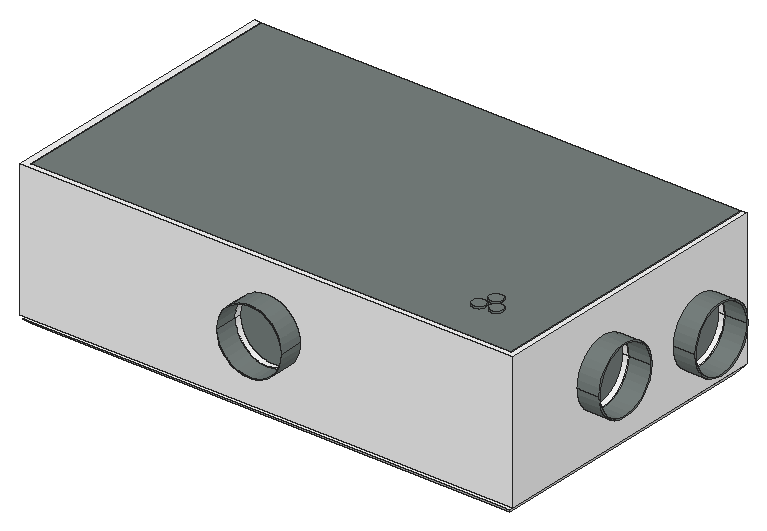
Revit family "AM 300 SHDIDE", category Mechanical Equipment, Revit 2019
Family settings
  Round Connector Dimension = Use Diameter
  Part Type = Normal
  OmniClass Number = 23.75.00.00
  OmniClass Title = Climate Control (HVAC)
  Work Plane-Based = No
  Always vertical = Yes
  Cut with Voids When Loaded = No
  Shared = No
  Room Calculation Point = No
Parameters
  publication date = "01.05.2023"
  Weight (Standard Unit) = 85  # constant formula
  Water Heating [instance] = yes
  Water Heater Surface Return = 15 mm  # constant formula
  Water Heater Surface IN = 15 mm  # constant formula
  Version number = "1.0"
  URL = "www.airmaster-as.com"
  Total Width = 1180 mm  # constant formula
  Total Hight = 344 mm  # constant formula
  T-C Duct Supply = 187 mm  # constant formula
  T-C Duct Exhaust = 187 mm  # constant formula
  Suply Air In = 160 mm  # constant formula
  R-C Duct Supply = 133 mm  # constant formula
  Phase 1 - Max Power Consumption = "1175 W"
  Phase 1 - Max Current = "7,97 A"
  Nominal current, electrical preheating surface = "4,35 A"
  Nominal current, electrical comfort heating surface = "2,17 A"
  Nominal current, air handling unit = "1,45 A"
  Network Conection = "AWG 24 CAT 5e STP"
  Model = "AM 300 SHDIDE"
  Max. flow rate 35 dB(A) with ePM10 80% filters = 240.00 m³  # constant formula
  Max. flow rate 35 dB(A) with ePM10 55% filters = 270.00 m³  # constant formula
  Max. flow rate 35 dB(A) with ePM10 50% filters = 275.00 m³  # constant formula
  Max. flow rate 30 dB(A) with ePM10 80% filters = 180.00 m³  # constant formula
  Max. flow rate 30 dB(A) with ePM10 55% filters = 205.00 m³  # constant formula
  Max. flow rate 30 dB(A) with ePM10 50% filters = 210.00 m³  # constant formula
  Manufacturer = "Airmaster A/S"
  Maintenance [instance] = no
  L-C Duct Exhaust = 133 mm  # constant formula
  Exhaust Air = 160 mm  # constant formula
  Total Depth = 703 mm  # constant formula
  Electrical connection = "1 ~ 230 V / N / PE / 50 Hz"
  Drawn By = "LSB"
  Data Sheet = "https://www.airmaster-as.com/media/4938/15583-am300-en-rev-04.pdf"
  Condensate = 6 mm  # constant formula
  BMS Panel = "(PTS) 2x2x0,6"
  BMS Out = "(PTS) 2x2x0,6"
  BMS IN = "(PTS) 2x2x0,6"
  Airlow area [instance] = no
Reference planes
  plane 1 "Center (Front/Back)": y = 0
  plane 2: z = 0
  plane 3 "Center (Left/Right)": x = 0
  plane 4 "Center L/S": y = -703
  plane 5 "Center L/T": x = -590
  plane 6 "Center L/U": x = 590
  plane 7 "TOP": z = 344
  plane 8 "Center L/V": x = -575
  plane 9 "Center L/W": y = -688
  plane 10 "Center L/X": x = 575
  plane 11 "Panel Buttom": z = 20.747
  plane 12 "Panel Top": z = 330.347
  plane 13 "Hatch": z = 14.5
Forms (mm)
  Extrusion 1, solid, material "AM Grey"
    sketch origin (0, 0, 0) x (1, 0, 0) y (0, 1, 0)
      loop
        line (-575, 0) -> (-575, -688) -> (575, -688) -> (575, 0) -> (-575, 0)
    from 14.5 to 344
  Extrusion 2, solid, material "AM White"
    sketch origin (794.5, -1524, 20.747) x (0, -1, 0) y (-1, 0, 0)
      loop
        line (-1524, 1384.5) -> (-1524, 1369.5) -> (-836, 1369.5) -> (-836, 219.5) -> (-1524, 219.5) -> (-1524, 204.5) -> (-821, 204.5) -> (-821, 1384.5) -> (-1524, 1384.5)
    from 0 to -323.253
  Blend 3, solid, material "AM White"
    base sketch origin (-790.646, -1524, 14.5) x (0, -1, 0) y (1, 0, 0)
      loop
        line (-821, 207.613) -> (-821, 1373.657) -> (-1524, 1373.657) -> (-1524, 207.613) -> (-821, 207.613)
    top sketch origin (-790.646, -1524, 14.5) x (0, -1, 0) y (1, 0, 0)
      loop
        line (-836, 218.963) -> (-836, 1362.646) -> (-1509.161, 1362.646) -> (-1509.161, 218.963) -> (-836, 218.963)
    from 0 to -14.5
  Extrusion 4, solid, material "AM Grey"
    sketch origin (-575, 0, 0) x (1, 0, 0) y (0, 0, -1)
      loop
        circle (118, -157) r 80
      loop
        circle (118, -157) r 78
    from 0 to 18.45
  Extrusion 5, solid, material "Maintenece", visible <- "Maintenance"
    sketch origin (-790.646, -1524, 0) x (1, 0, 0) y (0, -1, 0)
      loop
        line (200.646, -1524) -> (1380.646, -1524) -> (1380.646, -821) -> (200.646, -821) -> (200.646, -1524)
    from 0 to 1200
  Extrusion 6, solid, material "AM Grey"
    sketch origin (0, 0, 344) x (1, 0, 0) y (0, 1, 0)
      loop
        circle (428.027, -549.273) r 15.55
    from 0 to 3
  Extrusion 7, solid, material "AM Grey"
    sketch origin (0, 0, 344) x (1, 0, 0) y (0, 1, 0)
      loop
        circle (452.132, -578.023) r 15.55
    from 0 to 3
  Extrusion 8, solid, material "AM Grey"
    sketch origin (0, 0, 344) x (1, 0, 0) y (0, 1, 0)
      loop
        circle (415.201, -584.535) r 15.55
    from 0 to 3
  Extrusion 9, solid, material "AM Grey", visible <- "Water Heating"
    sketch origin (-575, -688, 0) x (0, 1, 0) y (0, 0, -1)
      loop
        circle (325.216, -242.139) r 15.55
    from 0 to 36
  Extrusion 10, solid, material "AM Grey", visible <- "Water Heating"
    sketch origin (-575, -836.92, 39.903) x (0, 1, 0) y (0, 0, -1)
      loop
        circle (325.216, -242.139) r 15.55
    from 0 to 36
  Extrusion 11, solid, material "AM Grey"
    sketch origin (590, 0, 20.747) x (0, -1, 0) y (0, 0, -1)
      loop
        circle (145, -136.253) r 79
      loop
        circle (145, -136.253) r 77
    from 0 to 54
  Extrusion 12, solid, material "AM Grey"
    sketch origin (590, -288, 58.747) x (0, -1, 0) y (0, 0, -1)
      loop
        circle (145, -136.253) r 79
      loop
        circle (145, -136.253) r 77
    from 0 to 54
  Extrusion 13, void
    sketch origin (644, -288, 58.747) x (0, 1, 0) y (0, 0, -1)
      loop
        circle (-145, -136.253) r 77
      loop
        circle (143, -98.253) r 77
    from 0 to 77.512
  Extrusion 14, solid, material "AM Grey"
    sketch origin (590, -703, -322.414) x (-1, 0, 0) y (0, 0, -1)
      loop
        circle (587, -517.414) r 77.16
      loop
        circle (587, -517.414) r 78
    from 0 to 54
  Extrusion 15, void
    sketch origin (590, -757, -322.414) x (1, 0, 0) y (0, 0, -1)
      loop
        circle (-587, -517.414) r 77.16
    from 0 to 69
Cuts and joins
  Extrusion 13, Extrusion 15 cuts Extrusion 2
  Extrusion 13 cuts Extrusion 11
  Extrusion 13 cuts Extrusion 12
  Extrusion 15 cuts Extrusion 14
Dimensions and locks
  "Total Depth": plane 4 "Center L/S" to plane 1 "Center (Front/Back)"
  equal spacing: plane 5 "Center L/T", plane 3 "Center (Left/Right)", plane 6 "Center L/U"
  "Total Width": plane 5 "Center L/T" to plane 6 "Center L/U"
  "Total Hight": plane 7 "TOP" to level
  locked: plane 10 "Center L/X" to plane 6 "Center L/U" at 15
  locked: plane 4 "Center L/S" to plane 9 "Center L/W" at 15
  locked: plane 5 "Center L/T" to plane 8 "Center L/V" at 15
  Extrusion 1 to Blend 3 sketch curve = 14.839 mm
  plane 7 "TOP" to Extrusion 11 sketch curve = 187 mm
  Extrusion 4 sketch curve to plane 5 "Center L/T" = 133 mm
  aligned and locked: level to plane 2
  aligned and locked: plane 1 "Center (Front/Back)" to Extrusion 1 sketch curve
  aligned and locked: plane 8 "Center L/V" to Extrusion 1 sketch curve
  aligned and locked: Extrusion 1 sketch curve to plane 9 "Center L/W"
  aligned and locked: Extrusion 1 sketch curve to plane 10 "Center L/X"
  aligned and locked: plane 7 "TOP" to Extrusion 1
  aligned and locked: plane 5 "Center L/T" to Extrusion 2 sketch curve
  aligned and locked: plane 4 "Center L/S" to Extrusion 2 sketch curve
  aligned and locked: plane 6 "Center L/U" to Extrusion 2 sketch curve
  aligned and locked: Extrusion 2 sketch curve to Extrusion 1  (x3)
  aligned and locked: plane 1 "Center (Front/Back)" to Extrusion 2 sketch curve
  aligned and locked: Blend 3 to plane 2
  aligned and locked: plane 13 "Hatch" to Extrusion 1
Automatic sketch dimensions
  plane 1 "Center (Front/Back)" to Extrusion 2 sketch curve = 0 mm
  plane 1 "Center (Front/Back)" to Blend 3 sketch curve = 0 mm
  plane 4 "Center L/S" to Blend 3 sketch curve = 0 mm
  plane 5 "Center L/T" to Blend 3 sketch curve = 6.967 mm
  Blend 3 sketch curve to plane 6 "Center L/U" = 6.989 mm
  plane 9 "Center L/W" to Blend 3 sketch curve = 0 mm
  plane 8 "Center L/V" to Blend 3 sketch curve = 3.316 mm
  Blend 3 sketch curve to plane 10 "Center L/X" = 3 mm
  Extrusion 1 to Extrusion 4 sketch curve = 142.5 mm
  Extrusion 5 sketch curve to Blend 3 = 18.316 mm
  Extrusion 5 sketch curve to Blend 3 = 18 mm
  Extrusion 5 sketch curve to Blend 3 = 15 mm
  Extrusion 5 sketch curve to Blend 3 = 14.839 mm
  Extrusion 6 sketch curve to Extrusion 1 = 146.973 mm
  Extrusion 6 sketch curve to Extrusion 1 = 138.727 mm
  Extrusion 7 sketch curve to Extrusion 1 = 122.868 mm
  Extrusion 7 sketch curve to Extrusion 1 = 109.977 mm
  Extrusion 8 sketch curve to Extrusion 1 = 159.799 mm
  Extrusion 8 sketch curve to Extrusion 1 = 103.465 mm
  Extrusion 1 to Extrusion 9 sketch curve = 101.861 mm
  Extrusion 9 sketch curve to Extrusion 1 = 325.216 mm
  Extrusion 1 to Extrusion 10 sketch curve = 61.958 mm
  Extrusion 10 sketch curve to Extrusion 1 = 176.296 mm
  Extrusion 12 sketch curve to Extrusion 2 = 270 mm
  Extrusion 2 to Extrusion 12 sketch curve = 149 mm
  Extrusion 2 to Extrusion 11 sketch curve = 145 mm
  Extrusion 12 sketch curve to Extrusion 12 sketch curve = 0 mm  (x2)
  Extrusion 11 sketch curve to Extrusion 11 sketch curve = 0 mm  (x2)
  Extrusion 13 sketch curve to Extrusion 13 sketch curve = 0 mm  (x2)
  Extrusion 13 sketch curve to Extrusion 13 sketch curve = 211 mm
  Extrusion 13 sketch curve to Extrusion 13 sketch curve = 38 mm
  Extrusion 13 sketch curve to Extrusion 13 sketch curve = 77 mm
  Extrusion 4 sketch curve to Extrusion 4 sketch curve = 0 mm  (x2)
  radius of Extrusion 4 sketch curve = 80 mm
  radius of Extrusion 6 sketch curve = 15.55 mm
  radius of Extrusion 7 sketch curve = 15.55 mm
  radius of Extrusion 8 sketch curve = 15.55 mm
  radius of Extrusion 9 sketch curve = 15.55 mm
  radius of Extrusion 10 sketch curve = 15.55 mm
  radius of Extrusion 11 sketch curve = 79 mm
  radius of Extrusion 12 sketch curve = 79 mm
  radius of Extrusion 12 sketch curve = 77 mm
  radius of Extrusion 11 sketch curve = 77 mm
  radius of Extrusion 13 sketch curve to Extrusion 12 = 0 mm
  radius of Extrusion 15 sketch curve to Extrusion 14 = 0 mm
  radius of Extrusion 4 sketch curve = 78 mm
Nested families
  nested 1: "Model Label 2019" at (0, -361.924, 0), Label <- "Model", type "Model Label 2019"
    with Label "AM 300 SHDIDE"
Connectors
  electrical at (428.027, -549.273, 344)
    settings: on Extrusion 6, index 13, voltage 230 V, apparent load 0 VA, apparent load phase1 0 VA, apparent load phase2 0 VA, apparent load phase3 0 VA, power factor 0.55, load classification "Other", number of poles 1, system type 30, power factor state 1, is connector primary yes, connector utility no, sub classification motor no, connector description ""
  electrical at (452.132, -578.023, 344), driven by "BMS Out"
    settings: on Extrusion 7, index 14, voltage 0 V, apparent load 0 VA, apparent load phase1 0 VA, apparent load phase2 0 VA, apparent load phase3 0 VA, power factor 1, load classification "Other", number of poles 1, system type 5, power factor state 1, is connector primary no, connector utility no, sub classification motor no, connector description "(PTS) 2x2x0,6"
  electrical at (415.201, -584.535, 344), driven by "BMS IN"
    settings: on Extrusion 8, index 15, voltage 0 V, apparent load 0 VA, apparent load phase1 0 VA, apparent load phase2 0 VA, apparent load phase3 0 VA, power factor 1, load classification "Other", number of poles 1, system type 5, power factor state 1, is connector primary no, connector utility no, sub classification motor no, connector description "(PTS) 2x2x0,6"
  piping at (-611, -362.784, 242.139), diameter 15, driven by "Water Heater Surface IN"
    settings: on Extrusion 9, index 16, connector inside diameter 609.6 mm, connector length 0 mm, flow factor 0, pipe flow 0.0 L/s, pressure drop 0.0 Pa, fitting loss kfactor 0, connector angle 0.00°, fixture units 0, engagement length 0 mm, angle of deflection 0.00°, flow configuration 0, flow direction 1, fitting loss method 0, system type 19, joint type 0, gender type 0, connector reference index -1, connector utility 0, adjustable connector no, is connector primary yes, connector description ""
  piping at (-611, -511.704, 282.042), diameter 15, driven by "Water Heater Surface IN"
    settings: on Extrusion 10, index 17, connector inside diameter 609.6 mm, connector length 0 mm, flow factor 0, pipe flow 0.0 L/s, pressure drop 0.0 Pa, fitting loss kfactor 0, connector angle 0.00°, fixture units 0, engagement length 0 mm, angle of deflection 0.00°, flow configuration 0, flow direction 2, fitting loss method 0, system type 19, joint type 0, gender type 0, connector reference index -1, connector utility 0, adjustable connector no, is connector primary no, connector description ""
  hvac at (-457, 0, 157), driven by "Suply Air In"
    settings: on Extrusion 4, index 19, duct flow 0.0 L/s, flow factor 0, pres drop 0.0 Pa, loss coef 0, conn angle 0.00°, conn width 304.8 mm, conn height 304.8 mm, conn diameter 160 mm, duct sys type 1, conn prof type 0, flow config 0, flow direction 1, loss method 0, conn ref index -1, conn util no, is conn primary yes, conn desc ""
  hvac at (590, -145, 157), driven by "Suply Air In"
    settings: on Extrusion 11, index 20, duct flow 0.0 L/s, flow factor 0, pres drop 0.0 Pa, loss coef 0, conn angle 0.00°, conn width 304.8 mm, conn height 304.8 mm, conn diameter 160 mm, duct sys type 3, conn prof type 0, flow config 0, flow direction 1, loss method 0, conn ref index -1, conn util no, is conn primary no, conn desc ""
  hvac at (644, -433, 195)
    settings: on Extrusion 12, index 21, duct flow 0.0 L/s, flow factor 0, pres drop 0.0 Pa, loss coef 0, conn angle 0.00°, conn width 304.8 mm, conn height 160 mm, conn diameter 160 mm, duct sys type 2, conn prof type 0, flow config 0, flow direction 1, loss method 0, conn ref index -1, conn util no, is conn primary no, conn desc ""
  hvac at (3, -757, 195)
    settings: on Extrusion 14, index 22, duct flow 0.0 L/s, flow factor 0, pres drop 0.0 Pa, loss coef 0, conn angle 0.00°, conn width 304.8 mm, conn height 304.8 mm, conn diameter 160 mm, duct sys type 1, conn prof type 0, flow config 0, flow direction 0, loss method 0, conn ref index -1, conn util no, is conn primary no, conn desc ""
Definition of nested family "Model Label 2019"
  Parameters (values of type "Model Label 2019")
    Label [instance] = ""
  Reference planes
    plane 1: y = 0
    plane 2: x = 0
  Text (mm)
    label "Label" at (-0.131, 0.049, 0), shows "Label"
